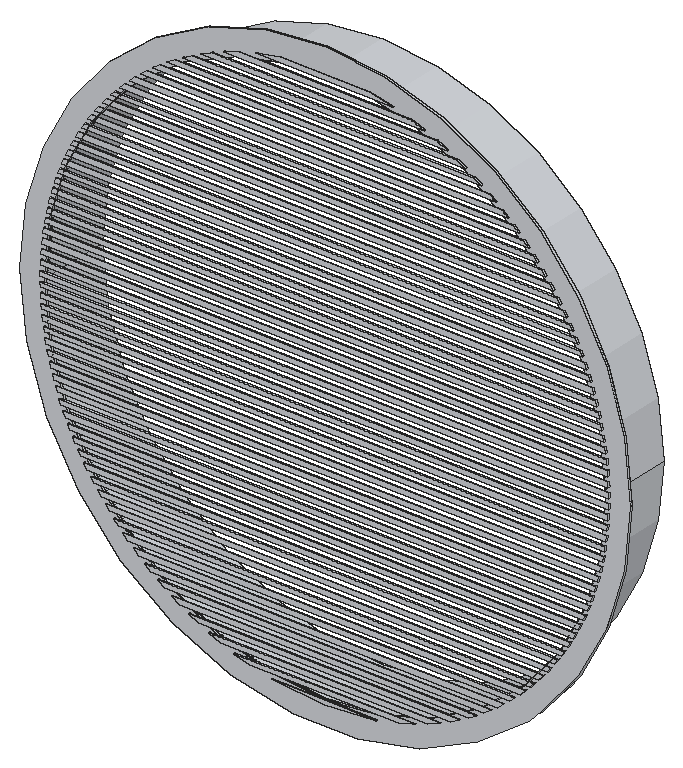
Revit family "НЕВАТОМ_Решетка РНК_20220407", category Воздухораспределители, Revit 2017
Family settings
  Размер круглого соединителя = Использовать диаметр
  Тип детали = Нормальный
  На основе рабочей плоскости = Нет
  Всегда вертикально = Нет
  При загрузке вырезать с полостями = Нет
  Общий = Нет
  Точка расчета площади = Нет
Parameters (values of type "800")
  Расход [instance] = 0.0 L/s
  Материал = Материал корпуса
  t = 2 mm  # constant formula
  Nevatom_URL = "https://t.me/NEVATOM_Bim_bot"
  Din = D - t  # 798 mm
  D2 = D + 10 mm  # 810 mm
  D1 = 870 mm
  A = 100 mm
  D = 800 mm
  ADSK_Расход воздуха = 0.0 L/s
  ADSK_Размер_Ширина = A  # 100 mm
  ADSK_Размер_Длина = D1  # 870 mm
  ADSK_Размер_Высота = D1  # 870 mm
  ADSK_Примечание = ""
  ADSK_Потеря давления воздуха = 0.0 Pa
  ADSK_Позиция = ""
  ADSK_Наименование = "РЕШЕТКА РНК-"
  ADSK_Материал наименование = "Оцинкованння сталь"  # constant formula
  ADSK_Масса_Текст = "кг"
  ADSK_Масса = 0
  ADSK_Марка = "800"
  ADSK_Код изделия = ""
  ADSK_Завод-изготовитель = "NEVATOM"
  ADSK_Единица измерения = "шт"
  7 = 7 mm  # constant formula
Types (18, lengths in mm): name | Din | D2 | D1 | A | D | ADSK_Размер_Ширина | ADSK_Размер_Длина | ADSK_Размер_Высота | ADSK_Марка
  100 | 98 | 110 | 130 | 50 | 100 | 50 | 130 | 130 | "125"
  125 | 123 | 135 | 155 | 50 | 125 | 50 | 155 | 155 | "125"
  140 | 138 | 150 | 170 | 50 | 140 | 50 | 170 | 170 | "140"
  800 | 798 | 810 | 870 | 100 | 800 | 100 | 870 | 870 | "800"
  160 | 158 | 170 | 190 | 50 | 160 | 50 | 190 | 190 | "160"
  180 | 178 | 190 | 210 | 50 | 180 | 50 | 210 | 210 | "180"
  200 | 198 | 210 | 230 | 50 | 200 | 50 | 230 | 230 | "200"
  225 | 223 | 235 | 255 | 50 | 225 | 50 | 255 | 255 | "225"
  710 | 708 | 720 | 780 | 70 | 710 | 70 | 780 | 780 | "710"
  630 | 628 | 640 | 700 | 70 | 630 | 70 | 700 | 700 | "630"
  560 | 558 | 570 | 630 | 70 | 560 | 70 | 630 | 630 | "560"
  500 | 498 | 510 | 570 | 70 | 500 | 70 | 570 | 570 | "500"
  450 | 448 | 460 | 520 | 70 | 450 | 70 | 520 | 520 | "450"
  400 | 398 | 410 | 470 | 70 | 400 | 70 | 470 | 470 | "400"
  355 | 353 | 365 | 425 | 70 | 355 | 70 | 425 | 425 | "355"
  315 | 313 | 325 | 345 | 50 | 315 | 50 | 345 | 345 | "315"
  280 | 278 | 290 | 310 | 50 | 280 | 50 | 310 | 310 | "280"
  250 | 248 | 260 | 285 | 50 | 250 | 50 | 285 | 285 | "250"
Reference planes
  plane 1 "По центру (Вперед/Назад)": y = 0
  plane 2: z = -435
  plane 3 "По центру (Влево/Вправо)": x = 0
  plane 4: y = 100
  plane 5: y = -2
  plane 6: x = -435
  plane 7: x = 435
  plane 8: z = 400
  plane 9: z = 435
  plane 10: z = -400
  plane 11: z = 0
Forms (mm)
  Extrusion 1, solid
    sketch origin (0, 0, 0) x (1, 0, 0) y (0, 0, 1)
      loop
        circle (0, 0) r 435
      loop
        circle (0, 0) r 400
    from 0 to 2
  Extrusion 2, solid
    sketch origin (0, 0, 0) x (1, 0, 0) y (0, 0, 1)
      loop
        circle (0, 0) r 400
      loop
        circle (0, 0) r 399
    from 0 to -100
  Extrusion 3, solid
    sketch origin (0, 0, 0) x (1, 0, 0) y (0, 0, 1)
      loop
        line (-420, 400) -> (-420, 393) -> (420, 393) -> (420, 400) -> (-420, 400)
      loop
        line (-420, 386) -> (-420, 379) -> (420, 379) -> (420, 386) -> (-420, 386)
      loop
        line (-420, 372) -> (-420, 365) -> (420, 365) -> (420, 372) -> (-420, 372)
      loop
        line (-420, 358) -> (-420, 351) -> (420, 351) -> (420, 358) -> (-420, 358)
      loop
        line (-420, 344) -> (-420, 337) -> (420, 337) -> (420, 344) -> (-420, 344)
      loop
        line (-420, 330) -> (-420, 323) -> (420, 323) -> (420, 330) -> (-420, 330)
      loop
        line (-420, 316) -> (-420, 309) -> (420, 309) -> (420, 316) -> (-420, 316)
      loop
        line (-420, 302) -> (-420, 295) -> (420, 295) -> (420, 302) -> (-420, 302)
      loop
        line (-420, 288) -> (-420, 281) -> (420, 281) -> (420, 288) -> (-420, 288)
      loop
        line (-420, 274) -> (-420, 267) -> (420, 267) -> (420, 274) -> (-420, 274)
      loop
        line (-420, 260) -> (-420, 253) -> (420, 253) -> (420, 260) -> (-420, 260)
      loop
        line (-420, 246) -> (-420, 239) -> (420, 239) -> (420, 246) -> (-420, 246)
      loop
        line (-420, 232) -> (-420, 225) -> (420, 225) -> (420, 232) -> (-420, 232)
      loop
        line (-420, 218) -> (-420, 211) -> (420, 211) -> (420, 218) -> (-420, 218)
      loop
        line (-420, 204) -> (-420, 197) -> (420, 197) -> (420, 204) -> (-420, 204)
      loop
        line (-420, 190) -> (-420, 183) -> (420, 183) -> (420, 190) -> (-420, 190)
      loop
        line (-420, 176) -> (-420, 169) -> (420, 169) -> (420, 176) -> (-420, 176)
      loop
        line (-420, 162) -> (-420, 155) -> (420, 155) -> (420, 162) -> (-420, 162)
      loop
        line (-420, 148) -> (-420, 141) -> (420, 141) -> (420, 148) -> (-420, 148)
      loop
        line (-420, -174) -> (-420, -181) -> (420, -181) -> (420, -174) -> (-420, -174)
      loop
        line (-420, -188) -> (-420, -195) -> (420, -195) -> (420, -188) -> (-420, -188)
      loop
        line (-420, -202) -> (-420, -209) -> (420, -209) -> (420, -202) -> (-420, -202)
      loop
        line (-420, -216) -> (-420, -223) -> (420, -223) -> (420, -216) -> (-420, -216)
      loop
        line (-420, -230) -> (-420, -237) -> (420, -237) -> (420, -230) -> (-420, -230)
      loop
        line (-420, -244) -> (-420, -251) -> (420, -251) -> (420, -244) -> (-420, -244)
      loop
        line (-420, -258) -> (-420, -265) -> (420, -265) -> (420, -258) -> (-420, -258)
      loop
        line (-420, -272) -> (-420, -279) -> (420, -279) -> (420, -272) -> (-420, -272)
      loop
        line (-420, -286) -> (-420, -293) -> (420, -293) -> (420, -286) -> (-420, -286)
      loop
        line (-420, -300) -> (-420, -307) -> (420, -307) -> (420, -300) -> (-420, -300)
      loop
        line (-420, -314) -> (-420, -321) -> (420, -321) -> (420, -314) -> (-420, -314)
      loop
        line (-420, -328) -> (-420, -335) -> (420, -335) -> (420, -328) -> (-420, -328)
      loop
        line (-420, -342) -> (-420, -349) -> (420, -349) -> (420, -342) -> (-420, -342)
      loop
        line (-420, -356) -> (-420, -363) -> (420, -363) -> (420, -356) -> (-420, -356)
      loop
        line (-420, -370) -> (-420, -377) -> (420, -377) -> (420, -370) -> (-420, -370)
      loop
        line (-420, -384) -> (-420, -391) -> (420, -391) -> (420, -384) -> (-420, -384)
      loop
        line (-420, -398) -> (-420, -405) -> (420, -405) -> (420, -398) -> (-420, -398)
      loop
        line (-420, -412) -> (-420, -419) -> (420, -419) -> (420, -412) -> (-420, -412)
      loop
        line (-420, -426) -> (-420, -433) -> (420, -433) -> (420, -426) -> (-420, -426)
      loop
        line (-420, 134) -> (-420, 127) -> (420, 127) -> (420, 134) -> (-420, 134)
      loop
        line (-420, 120) -> (-420, 113) -> (420, 113) -> (420, 120) -> (-420, 120)
      loop
        line (-420, 106) -> (-420, 99) -> (420, 99) -> (420, 106) -> (-420, 106)
      loop
        line (-420, 92) -> (-420, 85) -> (420, 85) -> (420, 92) -> (-420, 92)
      loop
        line (-420, 78) -> (-420, 71) -> (420, 71) -> (420, 78) -> (-420, 78)
      loop
        line (-420, 64) -> (-420, 57) -> (420, 57) -> (420, 64) -> (-420, 64)
      loop
        line (-420, 50) -> (-420, 43) -> (420, 43) -> (420, 50) -> (-420, 50)
      loop
        line (-420, 36) -> (-420, 29) -> (420, 29) -> (420, 36) -> (-420, 36)
      loop
        line (-420, 22) -> (-420, 15) -> (420, 15) -> (420, 22) -> (-420, 22)
      loop
        line (-420, 8) -> (-420, 1) -> (420, 1) -> (420, 8) -> (-420, 8)
      loop
        line (-420, -6) -> (-420, -13) -> (420, -13) -> (420, -6) -> (-420, -6)
      loop
        line (-420, -20) -> (-420, -27) -> (420, -27) -> (420, -20) -> (-420, -20)
      loop
        line (-420, -34) -> (-420, -41) -> (420, -41) -> (420, -34) -> (-420, -34)
      loop
        line (-420, -48) -> (-420, -55) -> (420, -55) -> (420, -48) -> (-420, -48)
      loop
        line (-420, -62) -> (-420, -69) -> (420, -69) -> (420, -62) -> (-420, -62)
      loop
        line (-420, -76) -> (-420, -83) -> (420, -83) -> (420, -76) -> (-420, -76)
      loop
        line (-420, -90) -> (-420, -97) -> (420, -97) -> (420, -90) -> (-420, -90)
      loop
        line (-420, -104) -> (-420, -111) -> (420, -111) -> (420, -104) -> (-420, -104)
      loop
        line (-420, -160) -> (-420, -167) -> (420, -167) -> (420, -160) -> (-420, -160)
      loop
        line (-420, -146) -> (-420, -153) -> (420, -153) -> (420, -146) -> (-420, -146)
      loop
        line (-420, -132) -> (-420, -139) -> (420, -139) -> (420, -132) -> (-420, -132)
      loop
        line (-420, -118) -> (-420, -125) -> (420, -125) -> (420, -118) -> (-420, -118)
    from 2 to 4
  Extrusion 4, void
    sketch origin (0, 0, 0) x (1, 0, 0) y (0, 0, 1)
      loop
        line (-435, 435) -> (-435, -454.917) -> (435, -454.917) -> (435, 435) -> (-435, 435)
      loop
        circle (0, 0) r 405
    from 2 to 4
Cuts and joins
  Extrusion 4 cuts Extrusion 1
  Extrusion 4 cuts Extrusion 3
Dimensions and locks
  plane 5 to plane 1 "По центру (Вперед/Назад)" to plane 4 = 2 mm, 100 mm
  plane 10 to plane 2 = 35 mm
  equal spacing: plane 8, level, plane 10
  equal spacing: plane 7, plane 3 "По центру (Влево/Вправо)", plane 6
  "D": plane 8 to plane 10
  plane 8 to level to plane 10 = 400 mm, 400 mm
  equal spacing: plane 9, level, plane 2
  "D1": plane 9 to plane 2
  "D1": plane 7 to plane 6
  "t": plane 1 "По центру (Вперед/Назад)" to plane 5
  "A": plane 1 "По центру (Вперед/Назад)" to plane 4
  "7": plane 8 to Extrusion 3 sketch curve
  equal spacing: Extrusion 3 sketch curve, Extrusion 3 sketch curve, Extrusion 3 sketch curve, Extrusion 3 sketch curve, Extrusion 3 sketch curve, Extrusion 3 sketch curve, Extrusion 3 sketch curve, Extrusion 3 sketch curve, Extrusion 3 sketch curve, Extrusion 3 sketch curve, Extrusion 3 sketch curve, Extrusion 3 sketch curve, Extrusion 3 sketch curve, Extrusion 3 sketch curve, Extrusion 3 sketch curve, Extrusion 3 sketch curve, Extrusion 3 sketch curve, Extrusion 3 sketch curve, Extrusion 3 sketch curve, Extrusion 3 sketch curve, Extrusion 3 sketch curve, Extrusion 3 sketch curve, Extrusion 3 sketch curve, Extrusion 3 sketch curve, Extrusion 3 sketch curve, Extrusion 3 sketch curve, Extrusion 3 sketch curve, Extrusion 3 sketch curve, Extrusion 3 sketch curve, Extrusion 3 sketch curve, Extrusion 3 sketch curve, Extrusion 3 sketch curve, Extrusion 3 sketch curve, Extrusion 3 sketch curve, Extrusion 3 sketch curve, Extrusion 3 sketch curve, Extrusion 3 sketch curve, Extrusion 3 sketch curve, Extrusion 3 sketch curve, Extrusion 3 sketch curve, Extrusion 3 sketch curve, Extrusion 3 sketch curve, Extrusion 3 sketch curve, Extrusion 3 sketch curve, Extrusion 3 sketch curve, Extrusion 3 sketch curve, Extrusion 3 sketch curve, Extrusion 3 sketch curve, Extrusion 3 sketch curve, Extrusion 3 sketch curve, Extrusion 3 sketch curve, Extrusion 3 sketch curve, Extrusion 3 sketch curve, Extrusion 3 sketch curve, Extrusion 3 sketch curve, Extrusion 3 sketch curve, Extrusion 3 sketch curve, Extrusion 3 sketch curve, Extrusion 3 sketch curve, Extrusion 3 sketch curve, Extrusion 3 sketch curve, Extrusion 3 sketch curve, Extrusion 3 sketch curve, Extrusion 3 sketch curve, Extrusion 3 sketch curve, Extrusion 3 sketch curve, Extrusion 3 sketch curve, Extrusion 3 sketch curve, Extrusion 3 sketch curve, Extrusion 3 sketch curve, Extrusion 3 sketch curve, Extrusion 3 sketch curve, Extrusion 3 sketch curve, Extrusion 3 sketch curve, Extrusion 3 sketch curve, Extrusion 3 sketch curve, Extrusion 3 sketch curve, Extrusion 3 sketch curve, Extrusion 3 sketch curve, Extrusion 3 sketch curve, Extrusion 3 sketch curve, Extrusion 3 sketch curve, Extrusion 3 sketch curve, Extrusion 3 sketch curve, Extrusion 3 sketch curve, Extrusion 3 sketch curve, Extrusion 3 sketch curve, Extrusion 3 sketch curve, Extrusion 3 sketch curve, Extrusion 3 sketch curve, Extrusion 3 sketch curve, Extrusion 3 sketch curve, Extrusion 3 sketch curve, Extrusion 3 sketch curve, Extrusion 3 sketch curve, Extrusion 3 sketch curve, Extrusion 3 sketch curve
  equal spacing: Extrusion 3 sketch curve, Extrusion 3 sketch curve, Extrusion 3 sketch curve, Extrusion 3 sketch curve, Extrusion 3 sketch curve, Extrusion 3 sketch curve, Extrusion 3 sketch curve, Extrusion 3 sketch curve, Extrusion 3 sketch curve, Extrusion 3 sketch curve, Extrusion 3 sketch curve, Extrusion 3 sketch curve, Extrusion 3 sketch curve, Extrusion 3 sketch curve, Extrusion 3 sketch curve, Extrusion 3 sketch curve, Extrusion 3 sketch curve, Extrusion 3 sketch curve, Extrusion 3 sketch curve, Extrusion 3 sketch curve, Extrusion 3 sketch curve, Extrusion 3 sketch curve, Extrusion 3 sketch curve, Extrusion 3 sketch curve
  "7": Extrusion 3 sketch curve to Extrusion 3 sketch curve
  "t": plane 5 to Extrusion 3
  locked: Extrusion 3 to Extrusion 4 at 21.917
  "D": diameter of Extrusion 1 sketch curve
  "D1": diameter of Extrusion 1 sketch curve
  "Din": diameter of Extrusion 2 sketch curve
  "D": diameter of Extrusion 2 sketch curve
  diameter of Extrusion 1 = 800 mm
  "D2": diameter of Extrusion 4 sketch curve
  aligned and locked: plane 11 to level
  aligned and locked: Extrusion 1 to plane 5
  aligned and locked: Extrusion 1 to plane 1 "По центру (Вперед/Назад)"
  aligned and locked: plane 4 to Extrusion 2
  aligned and locked: plane 1 "По центру (Вперед/Назад)" to Extrusion 2
  aligned and locked: plane 5 to Extrusion 3
  aligned and locked: plane 5 to Extrusion 4
  aligned and locked: Extrusion 4 to Extrusion 3
  aligned and locked: cut or joined group of Extrusion 3, Extrusion 4 to nested 1
Automatic sketch dimensions
  Extrusion 1 sketch curve to Extrusion 1 sketch curve = 0 mm  (x2)
  Extrusion 1 sketch curve to level = 0 mm
  Extrusion 1 sketch curve to plane 3 "По центру (Влево/Вправо)" = 0 mm
  Extrusion 2 sketch curve to Extrusion 2 sketch curve = 0 mm  (x2)
  Extrusion 2 sketch curve to level = 0 mm
  Extrusion 2 sketch curve to plane 3 "По центру (Влево/Вправо)" = 0 mm
  Extrusion 3 sketch curve to plane 8 = 0 mm
  plane 6 to Extrusion 3 sketch curve = 15 mm  (x6)
  Extrusion 3 sketch curve to Extrusion 3 sketch curve = 0 mm  (x112)
  Extrusion 3 sketch curve to plane 7 = 15 mm  (x2)
  Extrusion 4 sketch curve to plane 6 = 0 mm
  Extrusion 4 sketch curve to level = 0 mm
  Extrusion 4 sketch curve to plane 3 "По центру (Влево/Вправо)" = 0 mm
  Extrusion 4 sketch curve to plane 7 = 0 mm
  Extrusion 4 sketch curve to plane 9 = 0 mm
  Extrusion 4 sketch curve to plane 2 = 19.917 mm
Nested families
  nested 1: "НЕВАТОМ_QR-D" at (420, 51.875, 0), type "Nevatom_Logo_50", not visible
Connectors
  hvac at (0, 100, 0), driven by "D", driven by "Расход"
    settings: on Extrusion 2, index 1, duct flow 0.0 L/s, flow factor 0, pres drop 0.0 Pa, loss coef 0, conn angle 0.00°, conn width 304.8 mm, conn height 304.8 mm, conn diameter 800 mm, duct sys type 29, conn prof type 0, flow config 1, flow direction 0, loss method 0, conn ref index -1, conn util no, is conn primary yes, conn desc ""
Definition of nested family "НЕВАТОМ_QR-D"
  Parameters (values of type "Nevatom_Logo_200")
    Nevatom_Logo_D = none
    L = 2 mm
    D = 200 mm
  Types (4, lengths in mm): name | D
    (no name) | 200
    Nevatom_Logo_50 | 50
    Nevatom_Logo_100 | 100
    Nevatom_Logo_200 | 200
  Reference planes
    plane 1 "По центру (Вперед/Назад)": y = 0
    plane 2: z = 0
    plane 3 "По центру (Влево/Вправо)": x = 0
  Forms (mm)
    Extrusion 1, solid, material <- "Nevatom_Logo_D"
      sketch origin (0, 0, 0) x (0, 1, 0) y (0, 0, 1)
        loop
          circle (0, 0) r 100
      from 0 to 2 <- "L"
  Dimensions and locks
    "D": diameter of Extrusion 1 sketch curve
    aligned and locked: level to plane 2
  Automatic sketch dimensions
    Extrusion 1 sketch curve to level = 0 mm
    Extrusion 1 sketch curve to plane 1 "По центру (Вперед/Назад)" = 0 mm
